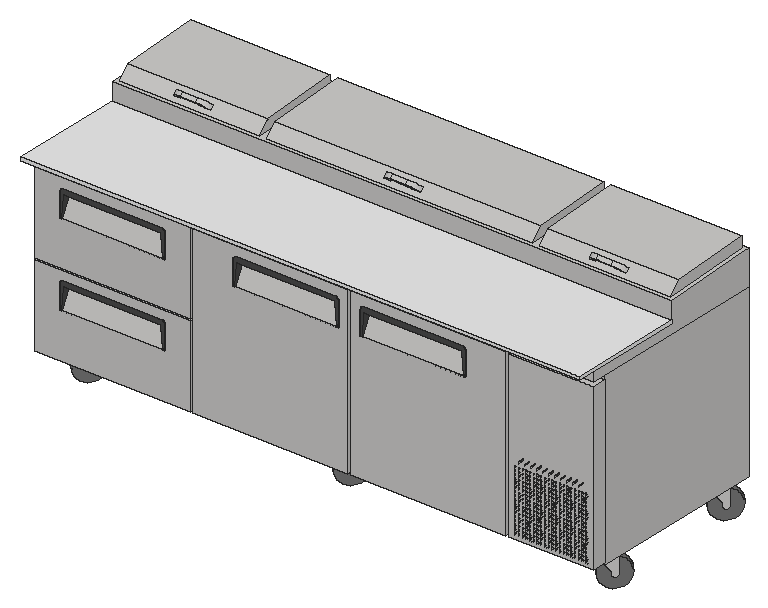
Revit family "QF_Turbo Air_TPR-93SD-D2", category Specialty Equipment, Revit 2012 (continued)
Automatic sketch dimensions
  plane 28 "Handle Center Right Lid" to Extrusion 6 sketch curve = 0' - 0.12056"
  plane 28 "Handle Center Right Lid" to Extrusion 6 sketch curve = 0' - 0.82767"
  Extrusion 6 sketch curve to Extrusion 6 sketch curve = 0' - 0.11612"  (x9)
  Extrusion 6 sketch curve to Extrusion 6 sketch curve = 0' - 0.82322"  (x9)
  Extrusion 6 sketch curve to plane 20 "Right of Right Lid" = 0' - 0 1/4"  (x17)
  plane 16 "Bottom of Door" to Extrusion 6 sketch curve = 0' - 0 5/8"  (x2)
  Extrusion 6 sketch curve to Extrusion 6 sketch curve = 0' - 0.55806"  (x11)
  Extrusion 6 sketch curve to Extrusion 6 sketch curve = 0' - 0.53033"  (x10)
  Extrusion 12 sketch curve to Extrusion 12 sketch curve = 0' - 0"
  Extrusion 12 sketch curve to Extrusion 12 sketch curve = 0' - 0.6"
  Extrusion 12 sketch curve to Extrusion 12 sketch curve = 0' - 0 1/2"
  Extrusion 13 sketch curve to plane 24 "Right of Right Door" = 0' - 0"
  plane 8 "Left of Compressor" to Extrusion 13 sketch curve = 0' - 0 1/2"
  Extrusion 13 sketch curve to Extrusion 13 sketch curve = 0' - 0 1/2"  (x3)
  Extrusion 13 sketch curve to Extrusion 13 sketch curve = 0' - 0 3/4"
  plane 28 "Handle Center Right Lid" to Extrusion 13 sketch curve = 0' - 1 1/4"
  Extrusion 13 sketch curve to Extrusion 13 sketch curve = 0' - 0 1/4"
  Extrusion 13 sketch curve to Extrusion 13 sketch curve = 0' - 1"
  Extrusion 13 sketch curve to Extrusion 13 sketch curve = 0' - 0"
  Extrusion 13 sketch curve to Extrusion 13 sketch curve = 0' - 0.6"
  Extrusion 14 sketch curve to plane 11 "TOP" = 0' - 0"
  Extrusion 14 sketch curve to plane 7 "Front of Pans" = 0' - 0.71732"
  Extrusion 14 sketch curve to plane 23 "Handle Center FB" = 0' - 0.80381"
  plane 1 "BACK" to Extrusion 14 sketch curve = 0' - 0.54382"
  plane 22 "Handle Elevation" to Extrusion 14 sketch curve = 0' - 0.01689"
  plane 1 "BACK" to Extrusion 14 sketch curve = 0' - 0.43665"
  Extrusion 15 sketch curve to plane 7 "Front of Pans" = 0' - 0.71732"
  Extrusion 15 sketch curve to plane 12 "Door Clearance" = 0' - 1.14422"
  Extrusion 15 sketch curve to plane 23 "Handle Center FB" = 0' - 5.17831"
  Extrusion 15 sketch curve to plane 12 "Door Clearance" = 0' - 1.50017"
  Extrusion 15 sketch curve to Extrusion 15 sketch curve = 0' - 2.4036"
  plane 22 "Handle Elevation" to Extrusion 15 sketch curve = 0' - 0.07691"
  plane 22 "Handle Elevation" to Extrusion 15 sketch curve = 0' - 0.01689"
  plane 17 "Back Stops" to Extrusion 15 sketch curve = 0' - 0.05688"
  Extrusion 16 sketch curve to plane 21 "Handle Center of Left Lid" = 0' - 3"
  Extrusion 16 sketch curve to Extrusion 16 sketch curve = 0' - 1"  (x2)
  Extrusion 16 sketch curve to Extrusion 16 sketch curve = 0' - 0 1/2"  (x3)
  Extrusion 16 sketch curve to Extrusion 16 sketch curve = 0' - 0 3/4"
  plane 21 "Handle Center of Left Lid" to Extrusion 16 sketch curve = 0' - 1 1/4"
  Extrusion 16 sketch curve to Extrusion 16 sketch curve = 0' - 0 1/4"
  Extrusion 16 sketch curve to Extrusion 16 sketch curve = 0' - 0"
  Extrusion 16 sketch curve to Extrusion 16 sketch curve = 0' - 0.6"
  Extrusion 17 sketch curve to plane 11 "TOP" = 0' - 0"
  Extrusion 17 sketch curve to plane 7 "Front of Pans" = 0' - 0.71732"
  Extrusion 17 sketch curve to plane 23 "Handle Center FB" = 0' - 0.80381"
  Extrusion 17 sketch curve to plane 12 "Door Clearance" = 0' - 1.14422"
  Extrusion 17 sketch curve to plane 23 "Handle Center FB" = 0' - 5.17831"
  Extrusion 17 sketch curve to plane 12 "Door Clearance" = 0' - 1.50017"
  Extrusion 17 sketch curve to Extrusion 17 sketch curve = 0' - 2.4036"
  plane 22 "Handle Elevation" to Extrusion 17 sketch curve = 0' - 0.07691"
  plane 1 "BACK" to Extrusion 17 sketch curve = 0' - 0.5658"
  plane 1 "BACK" to Extrusion 17 sketch curve = 0' - 0.54382"
  plane 22 "Handle Elevation" to Extrusion 17 sketch curve = 0' - 0.01689"
  Extrusion 17 sketch curve to Extrusion 17 sketch curve = 0' - 0.12915"
  plane 17 "Back Stops" to Extrusion 17 sketch curve = 0' - 0.05688"
  Extrusion 18 sketch curve to plane 11 "TOP" = 0' - 0"
  Extrusion 18 sketch curve to plane 7 "Front of Pans" = 0' - 0.71732"
  Extrusion 18 sketch curve to plane 23 "Handle Center FB" = 0' - 0.80381"
  plane 1 "BACK" to Extrusion 18 sketch curve = 0' - 0.54382"
  plane 22 "Handle Elevation" to Extrusion 18 sketch curve = 0' - 0.01689"
  plane 1 "BACK" to Extrusion 18 sketch curve = 0' - 0.43665"
  Extrusion 19 sketch curve to plane 31 "Handle Center Middle Lid" = 0' - 3"
  Extrusion 19 sketch curve to Extrusion 19 sketch curve = 0' - 1"  (x2)
  Extrusion 19 sketch curve to Extrusion 19 sketch curve = 0' - 0 1/2"  (x3)
  Extrusion 19 sketch curve to Extrusion 19 sketch curve = 0' - 0 3/4"
  plane 31 "Handle Center Middle Lid" to Extrusion 19 sketch curve = 0' - 1 1/4"
  Extrusion 19 sketch curve to Extrusion 19 sketch curve = 0' - 0 1/4"
  Extrusion 19 sketch curve to Extrusion 19 sketch curve = 0' - 0"
  Extrusion 19 sketch curve to Extrusion 19 sketch curve = 0' - 0.6"
  Extrusion 20 sketch curve to plane 31 "Handle Center Middle Lid" = 0' - 3"
  Extrusion 20 sketch curve to Extrusion 20 sketch curve = 0' - 1"  (x2)
  Extrusion 20 sketch curve to Extrusion 20 sketch curve = 0' - 0 1/2"  (x3)
  Extrusion 20 sketch curve to Extrusion 20 sketch curve = 0' - 0 3/4"
  plane 31 "Handle Center Middle Lid" to Extrusion 20 sketch curve = 0' - 1 1/4"
  Extrusion 20 sketch curve to Extrusion 20 sketch curve = 0' - 0 1/4"
  Extrusion 20 sketch curve to Extrusion 20 sketch curve = 0' - 0"
  Extrusion 20 sketch curve to Extrusion 20 sketch curve = 0' - 0.6"
  Extrusion 21 sketch curve to plane 11 "TOP" = 0' - 0"
  Extrusion 21 sketch curve to plane 7 "Front of Pans" = 0' - 0.71732"
  Extrusion 21 sketch curve to plane 23 "Handle Center FB" = 0' - 0.80381"
  Extrusion 21 sketch curve to plane 12 "Door Clearance" = 0' - 1.14422"
  Extrusion 21 sketch curve to plane 23 "Handle Center FB" = 0' - 5.17831"
  Extrusion 21 sketch curve to plane 12 "Door Clearance" = 0' - 1.50017"
  Extrusion 21 sketch curve to Extrusion 21 sketch curve = 0' - 2.4036"
  plane 22 "Handle Elevation" to Extrusion 21 sketch curve = 0' - 0.07691"
  plane 1 "BACK" to Extrusion 21 sketch curve = 0' - 0.5658"
  plane 1 "BACK" to Extrusion 21 sketch curve = 0' - 0.54382"
  plane 22 "Handle Elevation" to Extrusion 21 sketch curve = 0' - 0.01689"
  Extrusion 21 sketch curve to Extrusion 21 sketch curve = 0' - 0.12915"
  plane 17 "Back Stops" to Extrusion 21 sketch curve = 0' - 0.05688"
  radius of Extrusion 9 sketch curve = 0' - 0 5/8"  (x2)
  radius of Extrusion 10 sketch curve = 0' - 0 1/4"
Nested families (in)
  nested 1: "FESCasterLeg" at (-17.97594, -3.1875, 0), Legs <- "Legs", Casters <- "Casters", Height <- "CasterLeg Height", type "FESCasterLeg"
    with Legs no, Height 0' - 5 7/8", Casters yes, Caster Radius 0' - 2 7/16"
  nested 2: "FESCasterLeg" at (-17.97594, -26.375, 0), Legs <- "Legs", Casters <- "Casters", Height <- "CasterLeg Height", type "FESCasterLeg"
    with Legs no, Height 0' - 5 7/8", Casters yes, Caster Radius 0' - 2 7/16"
  nested 3: "FESCasterLeg" at (69.77406, -3.1875, 0), Legs <- "Legs", Casters <- "Casters", Height <- "CasterLeg Height", type "FESCasterLeg"
    with Legs no, Height 0' - 5 7/8", Casters yes, Caster Radius 0' - 2 7/16"
  nested 4: "FESCasterLeg" at (69.77406, -26.375, 0), Legs <- "Legs", Casters <- "Casters", Height <- "CasterLeg Height", type "FESCasterLeg"
    with Legs no, Height 0' - 5 7/8", Casters yes, Caster Radius 0' - 2 7/16"
  nested 5: "QF_Turbo Air_TBL_Door-1" at (42.78489, -30.4375, 6.125) x (-1, 0, 0) z (0, 0, 1), type "QF_Turbo Air_TBL_Door-1"
    with Width 2' - 2", Symbolic Lines no, Height 2' - 3 7/16", Handle Width 1' - 5 5/8", Depth 0' - 1 13/16"
  nested 6: "QF_Turbo Air_TBL_Door-1" at (20.76323, -30.4375, 6.125), type "QF_Turbo Air_TBL_Door-1"
    with Width 2' - 2", Symbolic Lines no, Height 2' - 3 7/16", Handle Width 1' - 5 5/8", Depth 0' - 1 13/16"
  nested 7: "FESCasterLeg" at (25.89906, -3.1875, 0), Legs <- "Legs", Casters <- "Casters", Height <- "CasterLeg Height", type "FESCasterLeg"
    with Legs no, Height 0' - 5 7/8", Casters yes, Caster Radius 0' - 2 7/16"
  nested 8: "FESCasterLeg" at (25.89906, -26.375, 0), Legs <- "Legs", Casters <- "Casters", Height <- "CasterLeg Height", type "FESCasterLeg"
    with Legs no, Height 0' - 5 7/8", Casters yes, Caster Radius 0' - 2 7/16"
  nested 9: "QF_Turbo Air_TBL_Drawer" at (-5.61177, -30.4375, 6.125), type "QF_Turbo Air_TBL_Drawer"
    with Width 2' - 2", Symbolic Lines no, Height 2' - 3 7/16", Depth 0' - 1 13/16"
Connectors (in)
  electrical at (65.52406, 0.0625, 12), driven by "Number of Poles", driven by "Volts", driven by "Apparent Power"
    settings: on Extrusion 10, index 1, voltage 115 V, apparent load 1265 VA, apparent load phase1 0 VA, apparent load phase2 0 VA, apparent load phase3 0 VA, power factor 1, load classification "Other", number of poles 1, system type 30, power factor state 1, is connector primary yes, connector utility no, sub classification motor no, connector description "Electric"
Definition of nested family "FESCasterLeg"
  Parameters (values of type "FESCasterLeg")
    Watermarked By = "http://revitwatermark.com"
    Type Comments = "⍁⍉⌁⌀⏭⎽⌇⍠⌜⍉⎖⌥⌦⌯⍭⏊⍻⍿⍊⏵⍊⏗⏠⍴⎡⌈⎀⍠⌓⌤⏘⎐⍀⌐⏬⏁⎈⏍⏦⎒⏬⌝⍩⍇⌣〈⎫〉⎁⏊⍥⍖⍥⍝⍦⌖⍀⏌⏭⎝⎼⏷⏞⍻⏯⎽⏷⏞⍻⏯⎽⏷⎺⌻⎝⍎⌧⏷⏟⏿⌿⍜⍦⍤⌁⍬⏶⏎⍊⏚⏉⎞⌡⎀⎪⏈⌟⌿⍾⍼⌟⌿⌢⌞⏜⏝⎽⍷⍷⍯⍧⍷⌯⍽⏸⏨⏾⏎⌣⏺⍹⏼⏅⎏⌽⎫⎪⍙⎓⏗⎗⏅⌴⍏⍏⍿⏑⎺⍘⌭⏲⍥⎛⎾⎾⍞⍌⎪⎲⌙⎥⏏⎟⎟⏼⏘⎏⎝⏧⏍⏁⍏⍧⏯⏾⌟"
    Legs [instance] = yes
    Height [instance] = 0' - 6"
    Caster Radius [instance] = if(Height < 0' 3", 0' 1", (Height / 2) - 0' 0 1/2")  # 0' - 2 1/2"
    Casters [instance] = yes
    Assembly Code = ""
  Reference planes (in)
    plane 1 "Center (Front/Back)": y = 0
    plane 2: z = 0
    plane 3 "Center (Left/Right)": x = 0
    plane 4: z = 6
    plane 5: z = 5.5
  Forms (in)
    Extrusion 1, solid, material "QF_Finishes_Stainless Steel", visible <- "Casters"
      sketch origin (-24.12131, -22.88887, 10.18833) x (0.707107, 0.707107, 0) y (0, 0, 1)
        loop
          line (34.98772, -7.68833) -> (34.98772, -4.93833) -> (34.48772, -4.93833) -> (34.39402, -4.68833) -> (32.39402, -4.68833) -> (32.39402, -5.43833) -> (33.98772, -7.34206) -> (33.98772, -7.68833)
          arc (33.98772, -7.68833) -> (34.48772, -8.18833) -> (34.98772, -7.68833) r 0.5
      from 0 to 1.75
    Extrusion 2, solid, material "QF_Finishes_Rubber Black", visible <- "Casters"
      sketch origin (-24.32327, -23.09083, 13.31461) x (0.707107, 0.707107, 0) y (0, 0, 1)
        loop
          circle (34.77334, -10.81461) r 2.5
      from 0.375 to 1.375
    Extrusion 3, solid, material "QF_Finishes_Stainless Steel", visible <- "Casters"
      sketch origin (-7.24148, -8.48391, 0) x (0.707107, 0.707107, 0) y (0, 0, 1)
        loop
          line (10.61603, 5.5) -> (11.61603, 5.5) -> (11.61603, 6) -> (10.61603, 6) -> (10.61603, 5.5)
      from 0 to -1.75
    Blend 4, solid, material "QF_Finishes_Stainless Steel", visible <- "Legs"
      base sketch origin (0, 0, 0) x (1, 0, 0) y (0, 1, 0)
        loop
          circle (0, 0) r 0.5
      top sketch origin (0, 0, 0) x (1, 0, 0) y (0, 1, 0)
        loop
          circle (0, 0) r 1
      from 0 to 6 <- "Height"
  Lines and regions (in)
    symbolic lines, style "QF_Hidden Details", visible <- "Casters", built-in parameter 1006206 <- "Casters"
      curve 1: line (-1.26158, -0.51911, 0) -> (1.39007, 2.13254, 0)
      curve 2: line (-0.53429, -1.24639, 0) -> (2.11736, 1.40526, 0)
    symbolic lines, style "QF_Hidden Details", built-in parameter 1006206 <- "Casters", visible <- "Casters"
      curve 3: line (-1.26158, -0.51911, 0) -> (1.39007, 2.13254, 0)
      curve 4: line (-0.53429, -1.24639, 0) -> (2.11736, 1.40526, 0)
  Dimensions and locks (in)
    locked: plane 4 to plane 5 at 0.5
    "Height": plane 4 to level
    "Caster Radius": Extrusion 2 sketch curve to level
    "Caster Radius": Extrusion 1 sketch curve to level
    "Caster Radius": radius of Extrusion 2 sketch curve
    aligned and locked: plane 2 to level
    aligned: Blend 4 to Extrusion 3
    aligned and locked: plane 4 to Blend 4
    aligned and locked: Extrusion 3 to plane 5
    aligned and locked: plane 4 to Extrusion 3
    aligned and locked: plane 5 to Extrusion 1
  Automatic sketch dimensions
    plane 1 "Center (Front/Back)" to curve 3 = 0' - 0.51911"
    curve 3 to plane 3 "Center (Left/Right)" = 0' - 1.26158"
    plane 1 "Center (Front/Back)" to curve 1 = 0' - 0.51911"
    curve 1 to curve 3 = 0' - 0"  (x3)
    curve 4 to plane 3 "Center (Left/Right)" = 0' - 0.53429"
    curve 2 to curve 4 = 0' - 0"  (x2)
    plane 3 "Center (Left/Right)" to curve 3 = 0' - 1.39007"
    curve 1 to curve 4 = 0' - 0.72729"
    curve 2 to curve 1 = 0' - 0.72729"
    curve 4 to curve 2 = 0' - 0"  (x2)
    curve 2 to plane 1 "Center (Front/Back)" = 0' - 1.40526"
    curve 2 to curve 3 = 0' - 0.72729"
    plane 5 to Extrusion 1 sketch curve = 0' - 0"
    Extrusion 1 sketch curve to Extrusion 1 sketch curve = 0' - 1.5937"
    Extrusion 1 sketch curve to Extrusion 1 sketch curve = 0' - 2"
    Extrusion 1 sketch curve to Extrusion 1 sketch curve = 0' - 0.0937"
    Extrusion 1 sketch curve to Extrusion 1 sketch curve = 0' - 0 1/2"
    Extrusion 1 sketch curve to Extrusion 1 sketch curve = 0' - 0.34627"
    Extrusion 1 sketch curve to plane 5 = 0' - 0 3/4"
    Extrusion 1 sketch curve to plane 5 = 0' - 0 1/4"
    Extrusion 3 sketch curve to plane 5 = 0' - 0"
    plane 4 to Extrusion 3 sketch curve = 0' - 0"
    Extrusion 3 sketch curve to Extrusion 3 sketch curve = 0' - 1"
    plane 1 "Center (Front/Back)" to Blend 4 sketch curve = 0' - 0"  (x2)
    Blend 4 sketch curve to plane 3 "Center (Left/Right)" = 0' - 0"  (x2)
    radius of Blend 4 sketch curve = 0' - 0 1/2"
    radius of Blend 4 sketch curve = 0' - 1"
Definition of nested family "QF_Turbo Air_TBL_Door-1"
  Parameters (values of type "QF_Turbo Air_TBL_Door-1")
    Width [instance] = 2' - 5 5/16"
    Watermarked By = "http://revitwatermark.com"
    Symbolic Lines [instance] = yes
    Manufacturer = "Turbo Air"  # constant formula
    Height [instance] = 2' - 3 7/16"
    Handle Width [instance] = 1' - 5 5/8"
    Depth [instance] = 0' - 1 13/16"
  Reference planes (in)
    plane 1 "BACK": y = 0
    plane 2: z = 0
    plane 3 "LEFT": x = -15.17667
    plane 4: x = 14.13583
    plane 5 "FRONT": y = -1.8125
    plane 6: z = 27.4375
    plane 7 "Right of Handle": x = 12.51083
    plane 8 "Left of Handle": x = -5.11417
  Forms (in)
    Extrusion 1, solid, material "QF_Finishes_Black"
      sketch origin (-31.11417, 0, 15.01083) x (0, 0, -1) y (1, 0, 0)
        loop
          arc (-10.23917, 43.625) -> (-10.63691, 43.46025) -> (-10.80167, 43.0625) r 0.5625
          line (-10.80167, 43.0625) -> (-10.80167, 26.5625)
          arc (-10.80167, 26.5625) -> (-10.63691, 26.16475) -> (-10.23917, 26) r 0.5625
          line (-10.23917, 26) -> (-6.30167, 26) -> (-6.30167, 26.34375) -> (-9.98917, 26.66636) -> (-9.98917, 42.95864) -> (-6.30167, 43.28125) -> (-6.30167, 43.625) -> (-10.23917, 43.625)
      from 0 to 1.8125
    Extrusion 2, solid, material "QF_Finishes_Stainless Steel"
      sketch origin (-5.14542, 0, 15.01083) x (0, 1, 0) y (0, 0, 1)
        loop
          line (-1.8125, 6.30167) -> (0, 6.30167) -> (0, 9.98917) -> (-0.47036, 9.98917) -> (-1.8125, 6.30167)
      from 0.375 to 17.3125
    Extrusion 3, solid, material "QF_Finishes_Stainless Steel"
      sketch origin (0, 0, 0) x (1, 0, 0) y (0, 0, 1)
        loop
          line (-15.17667, 27.4375) -> (-15.17667, 0) -> (14.13583, 0) -> (14.13583, 27.4375) -> (-15.17667, 27.4375)
        loop
          arc (-4.55167, 25.8125) -> (-4.94941, 25.64775) -> (-5.11417, 25.25) r 0.5625
          line (-5.11417, 25.25) -> (-5.11417, 21.3125) -> (12.51083, 21.3125) -> (12.51083, 25.25)
          arc (12.51083, 25.25) -> (12.34608, 25.64775) -> (11.94833, 25.8125) r 0.5625
          line (11.94833, 25.8125) -> (-4.55167, 25.8125)
      from 0 to 1.8125
  Lines and regions (in)
    symbolic lines, visible <- "Symbolic Lines"
      curve 1: line (-15.17667, 0, 25.96875) -> (14.13583, 0, 25.96875)
      curve 2: line (-15.17667, -1.8125, 25.96875) -> (-15.17667, 0, 25.96875)
      curve 3: line (14.13583, -1.8125, 25.96875) -> (-15.17667, -1.8125, 25.96875)
      curve 4: line (14.13583, 0, 25.96875) -> (14.13583, -1.8125, 25.96875)
  Dimensions and locks (in)
    "Width": plane 4 to plane 3 "LEFT"
    "Depth": plane 5 "FRONT" to plane 1 "BACK"
    "Height": plane 6 to plane 2
    locked: Extrusion 3 sketch curve to Extrusion 3 sketch curve at 4.5
    locked: plane 6 to Extrusion 3 sketch curve at 1.625
    locked: plane 6 to Extrusion 1 sketch curve at 1.625
    locked: Extrusion 1 sketch curve to Extrusion 1 sketch curve at 0.8125
    locked: Extrusion 1 sketch curve to Extrusion 1 sketch curve at 4.5  (x2)
    locked: plane 6 to Extrusion 2 sketch curve at 2.4375
    locked: Extrusion 2 sketch curve to Extrusion 2 sketch curve at 3.6875
    locked: Extrusion 2 sketch curve to plane 5 "FRONT" at 1.34214
    locked: plane 7 "Right of Handle" to plane 4 at 1.625
    "Handle Width": plane 8 "Left of Handle" to plane 7 "Right of Handle"
    locked: Extrusion 1 sketch curve to plane 8 "Left of Handle" at 0.34375
    locked: Extrusion 1 sketch curve to plane 8 "Left of Handle" at 0.66636
    locked: Extrusion 1 sketch curve to plane 8 "Left of Handle" at 0.5625
    locked: plane 7 "Right of Handle" to Extrusion 1 sketch curve at 0.34375
    locked: plane 7 "Right of Handle" to Extrusion 1 sketch curve at 0.66636
    locked: plane 7 "Right of Handle" to Extrusion 1 sketch curve at 0.5625
    locked: plane 8 "Left of Handle" to Extrusion 2 at 0.34375
    locked: plane 7 "Right of Handle" to Extrusion 2 at 0.34375
    aligned and locked: level to plane 2
    aligned and locked: Extrusion 3 sketch curve to plane 6
    aligned and locked: plane 3 "LEFT" to Extrusion 3 sketch curve
    aligned and locked: level to Extrusion 3 sketch curve
    aligned and locked: Extrusion 3 sketch curve to plane 4
    aligned and locked: plane 5 "FRONT" to Extrusion 3
    aligned and locked: Extrusion 2 sketch curve to plane 1 "BACK"
    aligned and locked: plane 1 "BACK" to curve 1
    aligned and locked: plane 3 "LEFT" to curve 2
    aligned and locked: curve 3 to plane 5 "FRONT"
    aligned and locked: curve 4 to plane 4
    aligned and locked: Extrusion 3 sketch curve to plane 7 "Right of Handle"
    aligned and locked: Extrusion 3 sketch curve to plane 8 "Left of Handle"
    aligned and locked: Extrusion 1 sketch curve to plane 7 "Right of Handle"
    aligned and locked: plane 8 "Left of Handle" to Extrusion 1 sketch curve
  Automatic sketch dimensions
    Extrusion 3 sketch curve to Extrusion 3 sketch curve = 0' - 0 9/16"  (x2)
    Extrusion 2 sketch curve to plane 5 "FRONT" = 0' - 0"
Definition of nested family "QF_Turbo Air_TBL_Drawer"
  Parameters (values of type "QF_Turbo Air_TBL_Drawer")
    Width [instance] = 2' - 5 5/16"
    Watermarked By = "http://revitwatermark.com"
    Symbolic Lines [instance] = yes
    Manufacturer = "Turbo Air"  # constant formula
    Height [instance] = 2' - 3 7/16"
    Depth [instance] = 0' - 1 13/16"
  Reference planes (in)
    plane 1 "BACK": y = 0
    plane 2: z = 0
    plane 3 "LEFT": x = -15.17667
    plane 4: x = 14.13583
    plane 5 "FRONT": y = -1.8125
    plane 6: z = 27.4375
    plane 7 "Handle Center": x = -0.52042
    plane 8 "Door Center": z = 13.71875
  Forms (in)
    Extrusion 1, solid, material "QF_Finishes_Black"
      sketch origin (-31.11417, 0, 15.01083) x (0, 0, -1) y (1, 0, 0)
        loop
          arc (-10.23917, 39.40625) -> (-10.63691, 39.2415) -> (-10.80167, 38.84375) r 0.5625
          line (-10.80167, 38.84375) -> (-10.80167, 22.34375)
          arc (-10.80167, 22.34375) -> (-10.63691, 21.946) -> (-10.23917, 21.78125) r 0.5625
          line (-10.23917, 21.78125) -> (-6.30167, 21.78125) -> (-6.30167, 22.125) -> (-9.98917, 22.44761) -> (-9.98917, 38.73989) -> (-6.30167, 39.0625) -> (-6.30167, 39.40625) -> (-10.23917, 39.40625)
        loop
          line (7.41708, 21.78125) -> (7.41708, 22.125) -> (3.72958, 22.44761) -> (3.72958, 38.73989) -> (7.41708, 39.0625) -> (7.41708, 39.40625) -> (3.47958, 39.40625)
          arc (3.47958, 39.40625) -> (3.08184, 39.2415) -> (2.91708, 38.84375) r 0.5625
          line (2.91708, 38.84375) -> (2.91708, 22.34375)
          arc (2.91708, 22.34375) -> (3.08184, 21.946) -> (3.47958, 21.78125) r 0.5625
          line (3.47958, 21.78125) -> (7.41708, 21.78125)
      from 0 to 1.8125
    Extrusion 2, solid, material "QF_Finishes_Stainless Steel"
      sketch origin (-9.36417, 0, 15.01083) x (0, 1, 0) y (0, 0, 1)
        loop
          line (-1.8125, 6.30167) -> (0, 6.30167) -> (0, 9.98917) -> (-0.47036, 9.98917) -> (-1.8125, 6.30167)
        loop
          line (-1.8125, -7.41708) -> (0, -7.41708) -> (0, -3.72958) -> (-0.47036, -3.72958) -> (-1.8125, -7.41708)
      from 0.375 to 17.3125
    Extrusion 3, solid, material "QF_Finishes_Stainless Steel"
      sketch origin (0, 0, 0) x (1, 0, 0) y (0, 0, 1)
        loop
          line (-15.17667, 27.4375) -> (-15.17667, 13.84375) -> (14.13583, 13.84375) -> (14.13583, 27.4375) -> (-15.17667, 27.4375)
        loop
          line (-15.17667, 0) -> (14.13583, 0) -> (14.13583, 13.59375) -> (-15.17667, 13.59375) -> (-15.17667, 0)
        loop
          arc (-8.77042, 25.8125) -> (-9.16816, 25.64775) -> (-9.33292, 25.25) r 0.5625
          line (-9.33292, 25.25) -> (-9.33292, 21.3125) -> (8.29208, 21.3125) -> (8.29208, 25.25)
          arc (8.29208, 25.25) -> (8.12733, 25.64775) -> (7.72958, 25.8125) r 0.5625
          line (7.72958, 25.8125) -> (-8.77042, 25.8125)
        loop
          arc (-8.77042, 12.09375) -> (-9.16816, 11.929) -> (-9.33292, 11.53125) r 0.5625
          line (-9.33292, 11.53125) -> (-9.33292, 7.59375) -> (8.29208, 7.59375) -> (8.29208, 11.53125)
          arc (8.29208, 11.53125) -> (8.12733, 11.929) -> (7.72958, 12.09375) r 0.5625
          line (7.72958, 12.09375) -> (-8.77042, 12.09375)
      from 0 to 1.8125
  Lines and regions (in)
    symbolic lines, visible <- "Symbolic Lines"
      curve 1: line (-15.17667, 0, 25.96875) -> (14.13583, 0, 25.96875)
      curve 2: line (-15.17667, -1.8125, 25.96875) -> (-15.17667, 0, 25.96875)
      curve 3: line (14.13583, -1.8125, 25.96875) -> (-15.17667, -1.8125, 25.96875)
      curve 4: line (14.13583, 0, 25.96875) -> (14.13583, -1.8125, 25.96875)
  Dimensions and locks (in)
    "Width": plane 4 to plane 3 "LEFT"
    "Depth": plane 5 "FRONT" to plane 1 "BACK"
    "Height": plane 6 to plane 2
    locked: Extrusion 3 sketch curve to Extrusion 3 sketch curve at 4.5  (x2)
    locked: plane 6 to Extrusion 3 sketch curve at 1.625
    locked: plane 6 to Extrusion 1 sketch curve at 1.625
    locked: Extrusion 1 sketch curve to Extrusion 1 sketch curve at 0.8125  (x2)
    locked: Extrusion 1 sketch curve to Extrusion 1 sketch curve at 4.5  (x4)
    locked: Extrusion 1 sketch curve to Extrusion 1 sketch curve at 0.66636  (x4)
    locked: plane 6 to Extrusion 2 sketch curve at 2.4375
    locked: Extrusion 2 sketch curve to Extrusion 2 sketch curve at 3.6875  (x2)
    locked: Extrusion 2 sketch curve to plane 5 "FRONT" at 1.34214  (x2)
    equal spacing: plane 3 "LEFT", plane 7 "Handle Center", plane 4
    equal spacing: plane 6, plane 8 "Door Center", level
    Extrusion 3 sketch curve to plane 8 "Door Center" to Extrusion 3 sketch curve = 0' - 0 1/8" locked, 0' - 0 1/8" locked
    Extrusion 3 sketch curve to plane 7 "Handle Center" to Extrusion 3 sketch curve = 0' - 8 13/16" locked, 0' - 8 13/16" locked  (x2)
    locked: plane 8 "Door Center" to Extrusion 3 sketch curve at 1.625
    Extrusion 1 sketch curve to plane 7 "Handle Center" to Extrusion 1 sketch curve = 0' - 8 13/16" locked, 0' - 8 13/16" locked  (x2)
    Extrusion 2 to plane 7 "Handle Center" to Extrusion 2 = 0' - 8 15/32" locked, 0' - 8 15/32" locked
    locked: plane 8 "Door Center" to Extrusion 1 sketch curve at 1.625
    locked: plane 8 "Door Center" to Extrusion 2 sketch curve at 2.4375
    aligned and locked: level to plane 2
    aligned and locked: Extrusion 3 sketch curve to plane 6
    aligned and locked: plane 3 "LEFT" to Extrusion 3 sketch curve  (x2)
    aligned and locked: level to Extrusion 3 sketch curve
    aligned and locked: Extrusion 3 sketch curve to plane 4  (x2)
    aligned and locked: plane 5 "FRONT" to Extrusion 3
    aligned and locked: Extrusion 2 sketch curve to plane 1 "BACK"  (x2)
    aligned and locked: plane 1 "BACK" to curve 1
    aligned and locked: plane 3 "LEFT" to curve 2
    aligned and locked: curve 3 to plane 5 "FRONT"
    aligned and locked: curve 4 to plane 4
  Automatic sketch dimensions
    Extrusion 1 sketch curve to Extrusion 1 sketch curve = 0' - 0 1/4"  (x4)
    Extrusion 1 sketch curve to Extrusion 1 sketch curve = 0' - 0 11/32"  (x4)
    Extrusion 2 sketch curve to plane 5 "FRONT" = 0' - 0"  (x2)
    Extrusion 3 sketch curve to Extrusion 3 sketch curve = 0' - 0 9/16"  (x4)
